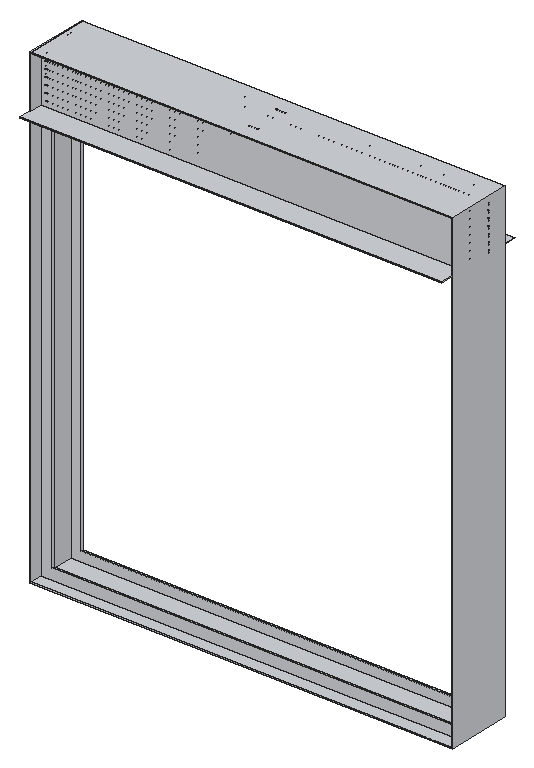
Revit family "FD-B", category Mechanical Equipment, Revit 2015
Parameters
  URL = "http://unitedenertech.com/catalog/pdf/A-8%20%20FD-B.pdf"
  Type Comments = "Max. Sizes are (1-1/2 Hour Vertical 120\"w x 115\"h) (1-1/2 Hour Horizontal 120\"w x 36\"h or 96\"w x 43\"h) (3 Hour Vertical or Horizontal 80\"w x 36\"h)"
  Model = "FD-B"
  Manufacturer = "United Enertech Corporation"
  Keynote = "Vertical Model Shown, Horizontal Models have Springs as shown on FDD-B Model."
  Exact Width = 2' - 0"
  EFL Height [instance] = Blade Pair Number * 0' 0 13/32" + 0' 0 41/64"  # 0' - 3 31/64"
  Description = "Curtain Fire Damper for use in Static Systems"
  Depth = 0' - 3 11/16"
  Damper Height = 2' - 0"
  Blade Width [instance] = Exact Width - 0' 0 1/8"  # 1' - 11 7/8"
  Blade Pair Number [instance] = (Damper Height + (if(Damper Height < 1' 8 1/4", 0' 2", if(Damper Height < 2' 8 1/4", 0' 3", if(Damper Height < 3' 6 1/4", 0' 4", if(Damper Height < 4' 7 1/4", 0' 5", if(Damper Height < 5' 4 1/4", 0' 3", if(Damper Height < 7' 0 1/4", 0' 4", if(Damper Height < 9' 7 1/4", 0' 5", 0' 5"))))))))) / 0' 3 7/8"  # 7
  "B" [instance] = if(Damper Height < 1' 8 1/4", 0' 2", if(Damper Height < 2' 8 1/4", 0' 3", if(Damper Height < 3' 6 1/4", 0' 4", if(Damper Height < 4' 7 1/4", 0' 5", if(Damper Height < 5' 4 1/4", 0' 3", if(Damper Height < 7' 0 1/4", 0' 4", if(Damper Height < 9' 7 1/4", 0' 5", 0' 5")))))))  # 0' - 3"
Reference planes (in)
  plane 1 "Center (Front/Back)": y = 0
  plane 2: z = 0
  plane 3 "Center (Left/Right)": x = 0
  plane 4: x = -12
  plane 5: x = 12
  plane 6: y = 1.84375
  plane 7: y = -1.84375
  plane 8: z = 24
  plane 9: z = 27
  plane 10: y = 1.09375
  plane 11: y = -1.09375
  plane 12: y = 0.96875
  plane 13: y = -0.96875
  plane 14: z = 0.0359
  plane 15: z = 26.9641
  plane 16: x = -11.9641
  plane 17: x = 11.9641
  plane 18: x = -11.375
  plane 19: x = 11.375
  plane 20: z = 26.375
  plane 21: z = 0.625
  plane 22: z = 23.47973
  plane 23: x = 0.25
  plane 24: x = -0.25
  plane 25: z = 23.60473
  plane 26: y = 2.59375
  plane 27: y = -2.59375
Forms (in)
  Extrusion 1, solid
    sketch origin (0, 0, 0) x (1, 0, 0) y (0, 0, 1)
      loop
        line (-11.9641, 26.9641) -> (-11.9641, 0.0359) -> (11.9641, 0.0359) -> (11.9641, 26.9641) -> (-11.9641, 26.9641)
      loop
        line (-12, 27) -> (-12, 0) -> (12, 0) -> (12, 27) -> (-12, 27)
    from -1.84375 to 1.84375
  Extrusion 2, solid
    sketch origin (0, 0, 0) x (1, 0, 0) y (0, 0, 1)
      loop
        line (-11.375, 26.375) -> (-11.375, 0.625) -> (11.375, 0.625) -> (11.375, 26.375) -> (-11.375, 26.375)
      loop
        line (-11.9641, 26.9641) -> (-11.9641, 0.0359) -> (11.9641, 0.0359) -> (11.9641, 26.9641) -> (-11.9641, 26.9641)
    from -1.09375 to -0.96875
  Extrusion 3, solid
    sketch origin (0, 0, 0) x (1, 0, 0) y (0, 0, 1)
      loop
        line (-11.375, 26.375) -> (-11.375, 0.625) -> (11.375, 0.625) -> (11.375, 26.375) -> (-11.375, 26.375)
      loop
        line (-11.9641, 26.9641) -> (-11.9641, 0.0359) -> (11.9641, 0.0359) -> (11.9641, 26.9641) -> (-11.9641, 26.9641)
    from 0.96875 to 1.09375
  Extrusion 4, solid
    sketch origin (0, 0, 0) x (0, 1, 0) y (0, 0, 1)
      loop
        line (0.96875, 27) -> (0.93285, 27) -> (0.93285, 23.47973) -> (1.38285, 23.47973) -> (1.38285, 23.76098) -> (1.34695, 23.76098) -> (1.34695, 23.51563) -> (0.96875, 23.51563) -> (0.96875, 27)
    from -0.25 to 0.25
  Extrusion 5, solid
    sketch origin (0, 0, 0) x (0, -1, 0) y (0, 0, -1)
      loop
        line (0.96875, -27) -> (0.96875, -23.51563) -> (1.34695, -23.51563) -> (1.34695, -23.76098) -> (1.38285, -23.76098) -> (1.38285, -23.47973) -> (0.93285, -23.47973) -> (0.93285, -27) -> (0.96875, -27)
    from -0.25 to 0.25
  Extrusion 6, solid
    sketch origin (0, 0, 0) x (0, 1, 0) y (0, 0, 1)
      loop
        line (1.09375, 26.9641) -> (1.09375, 24) -> (2.59375, 24) -> (2.59375, 24.0359) -> (1.12965, 24.0359) -> (1.12965, 26.9641) -> (1.09375, 26.9641)
    from -11.9641 to 11.9641
  Extrusion 7, solid
    sketch origin (0, 0, 0) x (0, -1, 0) y (0, 0, -1)
      loop
        line (1.09375, -26.9641) -> (1.12965, -26.9641) -> (1.12965, -24.0359) -> (2.59375, -24.0359) -> (2.59375, -24) -> (1.09375, -24) -> (1.09375, -26.9641)
    from -11.9641 to 11.9641
Dimensions and locks (in)
  equal spacing: plane 4, plane 3 "Center (Left/Right)", plane 5
  "Exact Width": plane 4 to plane 5
  equal spacing: plane 6, plane 1 "Center (Front/Back)", plane 7
  "Depth": plane 6 to plane 7
  "Damper Height": plane 8 to level
  ""B"": plane 9 to plane 8
  plane 11 to plane 10 = 0' - 2 3/16"
  locked: plane 11 to plane 13 at 0.125
  locked: plane 12 to plane 10 at 0.125
  plane 9 to level = 2' - 3"
  locked: plane 4 to plane 16 at 0.0359
  locked: plane 17 to plane 5 at 0.0359
  locked: plane 9 to plane 15 at 0.0359
  locked: plane 14 to level at 0.0359
  locked: plane 4 to plane 18 at 0.625
  locked: plane 5 to plane 19 at 0.625
  locked: plane 9 to plane 20 at 0.625
  locked: plane 21 to level at 0.625
  equal spacing: group 1, group 2, group 3, group 4, group 5, group 6, group 7  (x2)
  equal spacing: group 7, group 6, group 5, group 4, group 3, group 2, group 1
  locked: nested 1 to nested 2 at 0.40625
  "EFL Height": plane 15 to plane 22
  locked: plane 22 to plane 25 at 0.125
  locked: plane 26 to plane 6 at 0.75
  locked: plane 7 to plane 27 at 0.75
  aligned and locked: level to plane 2
  aligned and locked: level to Extrusion 1 sketch curve
  aligned and locked: Extrusion 1 sketch curve to plane 4
  aligned and locked: Extrusion 1 sketch curve to plane 9
  aligned and locked: Extrusion 1 sketch curve to plane 5
  aligned and locked: plane 14 to Extrusion 1 sketch curve
  aligned and locked: Extrusion 1 sketch curve to plane 15
  aligned and locked: plane 17 to Extrusion 1 sketch curve
  aligned and locked: plane 16 to Extrusion 1 sketch curve
  aligned and locked: plane 6 to Extrusion 1
  aligned and locked: Extrusion 1 to plane 7
  aligned and locked: plane 14 to Extrusion 2 sketch curve
  aligned and locked: plane 16 to Extrusion 2 sketch curve
  aligned and locked: plane 17 to Extrusion 2 sketch curve
  aligned and locked: Extrusion 2 sketch curve to plane 15
  aligned and locked: Extrusion 2 sketch curve to plane 20
  aligned and locked: Extrusion 2 sketch curve to plane 19
  aligned and locked: Extrusion 2 sketch curve to plane 18
  aligned and locked: plane 21 to Extrusion 2 sketch curve
  aligned and locked: Extrusion 2 to plane 10
  aligned and locked: plane 12 to Extrusion 2
  aligned and locked: Extrusion 3 to plane 13
  aligned and locked: plane 11 to Extrusion 3
  aligned and locked: plane 3 "Center (Left/Right)" to nested 1
  aligned and locked: plane 15 to nested 1
  aligned and locked: Extrusion 4 to plane 24
  aligned and locked: Extrusion 4 to plane 23
  aligned and locked: plane 25 to nested 6
  aligned and locked: Extrusion 6 to plane 17
  aligned and locked: Extrusion 7 to plane 17
  aligned and locked: Extrusion 7 to plane 16
  aligned and locked: Extrusion 6 to plane 16
Automatic sketch dimensions
  Extrusion 3 sketch curve to plane 14 = 0' - 0"
  Extrusion 3 sketch curve to plane 16 = 0' - 0"
  plane 18 to Extrusion 3 sketch curve = 0' - 0"
  Extrusion 3 sketch curve to plane 19 = 0' - 0"
  plane 17 to Extrusion 3 sketch curve = 0' - 0"
  Extrusion 3 sketch curve to plane 21 = 0' - 0"
  Extrusion 3 sketch curve to plane 20 = 0' - 0"
  Extrusion 3 sketch curve to plane 15 = 0' - 0"
  Extrusion 4 sketch curve to plane 9 = 0' - 0"
  Extrusion 4 sketch curve to plane 22 = 0' - 0"
  Extrusion 4 sketch curve to plane 12 = 0' - 0"
  plane 12 to Extrusion 4 sketch curve = 0' - 0.0359"
  Extrusion 4 sketch curve to plane 10 = 0' - 0.2532"
  Extrusion 4 sketch curve to Extrusion 4 sketch curve = 0' - 0.0359"
  plane 22 to Extrusion 4 sketch curve = 0' - 0.0359"
  Extrusion 4 sketch curve to plane 8 = 0' - 0.23902"
  Extrusion 5 sketch curve to plane 9 = 0' - 0"
  Extrusion 5 sketch curve to plane 22 = 0' - 0"
  Extrusion 5 sketch curve to plane 13 = 0' - 0"
  plane 13 to Extrusion 5 sketch curve = 0' - 0.0359"
  Extrusion 5 sketch curve to plane 11 = 0' - 0.2532"
  Extrusion 5 sketch curve to Extrusion 5 sketch curve = 0' - 0.0359"
  Extrusion 5 sketch curve to plane 22 = 0' - 0.0359"
  plane 8 to Extrusion 5 sketch curve = 0' - 0.23902"
  Extrusion 6 sketch curve to plane 8 = 0' - 0"
  Extrusion 6 sketch curve to plane 10 = 0' - 0"
  Extrusion 6 sketch curve to plane 15 = 0' - 0"
  Extrusion 6 sketch curve to plane 26 = 0' - 0"
  Extrusion 6 sketch curve to plane 10 = 0' - 0.0359"
  plane 8 to Extrusion 6 sketch curve = 0' - 0.0359"
  Extrusion 7 sketch curve to plane 8 = 0' - 0"
  Extrusion 7 sketch curve to plane 11 = 0' - 0"
  Extrusion 7 sketch curve to plane 15 = 0' - 0"
  Extrusion 7 sketch curve to plane 27 = 0' - 0"
  Extrusion 7 sketch curve to plane 11 = 0' - 0.0359"
  Extrusion 7 sketch curve to plane 8 = 0' - 0.0359"
Nested families (in)
  nested 1: "FD-SALB BLADESEDITED" at (0, 1.1689, 26.12138), type "FD-SALB BLADESEDITED"
    with Blade Width 2' - 0"
  nested 2: "FD-SALB BLADESEDITED" at (0, 1.1689, 25.71513), type "FD-SALB BLADESEDITED"
    with Blade Width 2' - 0"
  nested 3: "FD-SALB BLADESEDITED" at (0, 1.1689, 25.30888), type "FD-SALB BLADESEDITED"
    with Blade Width 2' - 0"
  nested 4: "FD-SALB BLADESEDITED" at (0, 1.1689, 24.90263), type "FD-SALB BLADESEDITED"
    with Blade Width 2' - 0"
  nested 5: "FD-SALB BLADESEDITED" at (0, 1.1689, 24.49638), type "FD-SALB BLADESEDITED"
    with Blade Width 2' - 0"
  nested 6: "EFL" at (4.62017, 3.53398, 23.60473), type "EFL"
  nested 7: "FD-SALB BLADESEDITED" at (0, 1.1689, 24.09013), type "FD-SALB BLADESEDITED"
    with Blade Width 2' - 0"
  nested 8: "FD-SALB BLADESEDITED" at (0, 1.1689, 23.68388), type "FD-SALB BLADESEDITED"
    with Blade Width 2' - 0"
Definition of nested family "FD-SALB BLADESEDITED"
  Parameters (values of type "FD-SALB BLADESEDITED")
    Blade Width = 1' - 11 7/8"
  Reference planes (in)
    plane 1 "Center (Front/Back)": y = 0
    plane 2: z = 0
    plane 3 "Center (Left/Right)": x = 0
    plane 4: x = -11.9375
    plane 5: x = 11.9375
  Forms (in)
    Extrusion 1, solid
      sketch origin (0, 0, 0) x (0, 1, 0) y (0, 0, 1)
        loop
          line (-0.31672, 0.53073) -> (-0.3446, 0.62657)
          arc (-0.3446, 0.62657) -> (-0.33726, 0.6415) -> (-0.32269, 0.63348) r 0.0115
          line (-0.32269, 0.63348) -> (-0.30545, 0.53536)
          arc (-0.30545, 0.53536) -> (-0.31611, 0.49773) -> (-0.35217, 0.48264) r 0.045
          line (-0.35217, 0.48264) -> (-0.39872, 0.48554)
          arc (-0.39872, 0.48554) -> (-0.42675, 0.49692) -> (-0.44125, 0.52348) r 0.045
          line (-0.44125, 0.52348) -> (-0.47071, 0.66865)
          arc (-0.47071, 0.66865) -> (-0.48965, 0.70349) -> (-0.5262, 0.7189) r 0.06
          line (-0.5262, 0.7189) -> (-1.55698, 0.78305) -> (-1.76244, 0.79584)
          arc (-1.76244, 0.79584) -> (-1.79846, 0.78683) -> (-1.82228, 0.75836) r 0.06
          line (-1.82228, 0.75836) -> (-1.88016, 0.61423)
          arc (-1.88016, 0.61423) -> (-1.90974, 0.57877) -> (-1.95445, 0.56733) r 0.075
          arc (-1.95445, 0.56733) -> (-2.03902, 0.60869) -> (-2.06957, 0.69773) r 0.123
          line (-2.06957, 0.69773) -> (-2.06418, 0.78456)
          arc (-2.06418, 0.78456) -> (-2.05371, 0.80551) -> (-2.03138, 0.81256) r 0.03
          line (-2.03138, 0.81256) -> (-1.90763, 0.80489) -> (-1.90763, 0.8362) -> (-2.01284, 0.84272) -> (-2.04641, 0.84272)
          arc (-2.04641, 0.84272) -> (-2.08042, 0.82292) -> (-2.09536, 0.7865) r 0.06125
          line (-2.09536, 0.7865) -> (-2.10077, 0.69966)
          arc (-2.10077, 0.69966) -> (-2.06244, 0.58801) -> (-1.95639, 0.53614) r 0.15425
          arc (-1.95639, 0.53614) -> (-1.89306, 0.55235) -> (-1.8512, 0.60257) r 0.10625
          line (-1.8512, 0.60257) -> (-1.7933, 0.74674)
          arc (-1.7933, 0.74674) -> (-1.78183, 0.76038) -> (-1.76452, 0.76466) r 0.02875
          line (-1.76452, 0.76466) -> (-1.55892, 0.75186) -> (-0.52813, 0.68773)
          arc (-0.52813, 0.68773) -> (-0.51045, 0.68016) -> (-0.50148, 0.66314) r 0.02875
          line (-0.50148, 0.66314) -> (-0.47199, 0.51784)
          arc (-0.47199, 0.51784) -> (-0.4474, 0.47346) -> (-0.4004, 0.45434) r 0.07625
          line (-0.4004, 0.45434) -> (-0.35398, 0.45144)
          arc (-0.35398, 0.45144) -> (-0.29278, 0.47694) -> (-0.27468, 0.54073) r 0.07625
          line (-0.27468, 0.54073) -> (-0.29191, 0.63889)
          arc (-0.29191, 0.63889) -> (-0.33988, 0.67434) -> (-0.37768, 0.6282) r 0.04327
          line (-0.37768, 0.6282) -> (-0.34677, 0.52199) -> (-0.31672, 0.53073)
      from -11.9375 to 11.9375
    Extrusion 2, solid
      sketch origin (0, 0, 0) x (0, 1, 0) y (0, 0, 1)
        loop
          arc (-0.31635, 0.67497) -> (-0.29361, 0.66856) -> (-0.28256, 0.64768) r 0.03
          line (-0.28256, 0.64768) -> (-0.2714, 0.56286)
          arc (-0.2714, 0.56286) -> (-0.29582, 0.47194) -> (-0.37737, 0.42491) r 0.123
          arc (-0.37737, 0.42491) -> (-0.42275, 0.43328) -> (-0.45469, 0.46664) r 0.075
          line (-0.45469, 0.46664) -> (-0.52225, 0.60648)
          arc (-0.52225, 0.60648) -> (-0.54755, 0.63305) -> (-0.58358, 0.63992) r 0.06
          line (-0.58358, 0.63992) -> (-0.78858, 0.61304) -> (-1.81262, 0.47877)
          arc (-1.81262, 0.47877) -> (-1.84723, 0.46173) -> (-1.86432, 0.42714) r 0.06
          line (-1.86432, 0.42714) -> (-1.88437, 0.27537)
          arc (-1.88437, 0.27537) -> (-1.89734, 0.2499) -> (-1.92301, 0.23735) r 0.045
          line (-1.92301, 0.23735) -> (-1.96868, 0.2314)
          arc (-1.96868, 0.2314) -> (-2.00696, 0.24361) -> (-2.02023, 0.28153) r 0.045
          line (-2.02023, 0.28153) -> (-2.00995, 0.379)
          arc (-2.00995, 0.379) -> (-1.99657, 0.38882) -> (-1.98728, 0.37505) r 0.0115
          line (-1.98728, 0.37505) -> (-2.00879, 0.27676) -> (-1.97772, 0.26996) -> (-1.95543, 0.37179)
          arc (-1.95543, 0.37179) -> (-1.99381, 0.41919) -> (-2.04121, 0.38081) r 0.04313
          line (-2.04121, 0.38081) -> (-2.05127, 0.28509)
          arc (-2.05127, 0.28509) -> (-2.02877, 0.22122) -> (-1.96431, 0.20045) r 0.07625
          line (-1.96431, 0.20045) -> (-1.91897, 0.20638)
          arc (-1.91897, 0.20638) -> (-1.87533, 0.22771) -> (-1.85342, 0.27106) r 0.07625
          line (-1.85342, 0.27106) -> (-1.83333, 0.42305)
          arc (-1.83333, 0.42305) -> (-1.82514, 0.43962) -> (-1.80853, 0.44779) r 0.02875
          line (-1.80853, 0.44779) -> (-0.78452, 0.58205) -> (-0.57967, 0.60892)
          arc (-0.57967, 0.60892) -> (-0.56246, 0.60559) -> (-0.55039, 0.5929) r 0.02875
          line (-0.55039, 0.5929) -> (-0.48278, 0.45303)
          arc (-0.48278, 0.45303) -> (-0.4376, 0.40578) -> (-0.37331, 0.39393) r 0.10625
          arc (-0.37331, 0.39393) -> (-0.27103, 0.4529) -> (-0.24041, 0.56695) r 0.15425
          line (-0.24041, 0.56695) -> (-0.2515, 0.65113)
          arc (-0.2515, 0.65113) -> (-0.27433, 0.69316) -> (-0.32041, 0.70596) r 0.06125
          line (-0.32041, 0.70596) -> (-0.44437, 0.68971) -> (-0.44031, 0.65872) -> (-0.31635, 0.67497)
      from -11.9375 to 11.9375
  Dimensions and locks (in)
    equal spacing: plane 4, plane 3 "Center (Left/Right)", plane 5
    "Blade Width": plane 4 to plane 5
    aligned and locked: level to plane 2
    aligned and locked: plane 4 to Extrusion 1
    aligned and locked: plane 4 to Extrusion 2
    aligned and locked: plane 5 to Extrusion 1
    aligned and locked: plane 5 to Extrusion 2
  Automatic sketch dimensions
    Extrusion 2 sketch curve to Extrusion 2 sketch curve = 0' - 0"  (x35)
    level to Extrusion 2 sketch curve = 0' - 0.28509"
    plane 1 "Center (Front/Back)" to Extrusion 2 sketch curve = 0' - 2.05127"
    level to Extrusion 2 sketch curve = 0' - 0.38081"
    Extrusion 2 sketch curve to Extrusion 2 sketch curve = 0' - 0.01006"
    level to Extrusion 2 sketch curve = 0' - 0.28153"
    Extrusion 2 sketch curve to Extrusion 2 sketch curve = 0' - 0.03105"
    level to Extrusion 2 sketch curve = 0' - 0.27676"
    Extrusion 2 sketch curve to Extrusion 2 sketch curve = 0' - 0.01143"  (x2)
    Extrusion 2 sketch curve to Extrusion 2 sketch curve = 0' - 0.04266"
    Extrusion 2 sketch curve to Extrusion 2 sketch curve = 0' - 0.00023"
    level to Extrusion 2 sketch curve = 0' - 0.26996"
    Extrusion 2 sketch curve to Extrusion 2 sketch curve = 0' - 0.03107"
    Extrusion 2 sketch curve to Extrusion 2 sketch curve = 0' - 0.00213"
    level to Extrusion 2 sketch curve = 0' - 0.2314"
    Extrusion 2 sketch curve to Extrusion 2 sketch curve = 0' - 0.00904"
    level to Extrusion 2 sketch curve = 0' - 0.20045"
    level to Extrusion 2 sketch curve = 0' - 0.37179"
    Extrusion 2 sketch curve to Extrusion 2 sketch curve = 0' - 0.0467"
    level to Extrusion 2 sketch curve = 0' - 0.27537"
    Extrusion 2 sketch curve to Extrusion 2 sketch curve = 0' - 0.04451"
    level to Extrusion 2 sketch curve = 0' - 0.27106"
    Extrusion 2 sketch curve to Extrusion 2 sketch curve = 0' - 0.03095"
    Extrusion 2 sketch curve to Extrusion 2 sketch curve = 0' - 0.0486"
    plane 1 "Center (Front/Back)" to Extrusion 2 sketch curve = 0' - 0.78452"
    Extrusion 2 sketch curve to Extrusion 2 sketch curve = 0' - 0.20094"
    Extrusion 2 sketch curve to Extrusion 2 sketch curve = 0' - 0 1/256"  (x2)
    Extrusion 2 sketch curve to Extrusion 2 sketch curve = 0' - 0.0034"
    Extrusion 2 sketch curve to Extrusion 2 sketch curve = 0' - 0.13921"
    Extrusion 2 sketch curve to Extrusion 2 sketch curve = 0' - 0.00406"  (x3)
    Extrusion 2 sketch curve to Extrusion 2 sketch curve = 0' - 0.04695"
    Extrusion 2 sketch curve to Extrusion 2 sketch curve = 0' - 0.00624"
    Extrusion 2 sketch curve to Extrusion 2 sketch curve = 0' - 0.0809"
    Extrusion 2 sketch curve to Extrusion 2 sketch curve = 0' - 0.0299"
    Extrusion 2 sketch curve to Extrusion 2 sketch curve = 0' - 0.03106"
    Extrusion 2 sketch curve to Extrusion 2 sketch curve = 0' - 0.00661"
    Extrusion 2 sketch curve to Extrusion 2 sketch curve = 0' - 0.00119"
    Extrusion 2 sketch curve to Extrusion 2 sketch curve = 0' - 0.14822"
    level to Extrusion 2 sketch curve = 0' - 0.49927"
    Extrusion 2 sketch curve to Extrusion 2 sketch curve = 0' - 0.04759"
    Extrusion 2 sketch curve to Extrusion 2 sketch curve = 0' - 0.0335"
    Extrusion 2 sketch curve to Extrusion 2 sketch curve = 0' - 0.00168"
    Extrusion 2 sketch curve to Extrusion 2 sketch curve = 0' - 0.02855"
    Extrusion 2 sketch curve to Extrusion 2 sketch curve = 0' - 0.031"
    Extrusion 2 sketch curve to Extrusion 2 sketch curve = 0' - 0.09835"
    Extrusion 2 sketch curve to Extrusion 2 sketch curve = 0' - 0.00246"
    Extrusion 2 sketch curve to Extrusion 2 sketch curve = 0' - 0.00345"
    Extrusion 2 sketch curve to Extrusion 2 sketch curve = 0' - 0.11186"
    Extrusion 2 sketch curve to Extrusion 2 sketch curve = 0' - 0.03098"  (x3)
    level to Extrusion 2 sketch curve = 0' - 0.37898"
    Extrusion 2 sketch curve to Extrusion 2 sketch curve = 0' - 0.00003"  (x4)
    Extrusion 2 sketch curve to Extrusion 2 sketch curve = 0' - 0.01101"
    level to Extrusion 2 sketch curve = 0' - 0.37505"
    Extrusion 2 sketch curve to Extrusion 2 sketch curve = 0' - 0.00585"
    level to Extrusion 2 sketch curve = 0' - 0.23735"
    Extrusion 2 sketch curve to Extrusion 2 sketch curve = 0' - 0.00404"
    level to Extrusion 2 sketch curve = 0' - 0.20636"
    level to Extrusion 2 sketch curve = 0' - 0.42714"
    Extrusion 2 sketch curve to Extrusion 2 sketch curve = 0' - 0.0595"
    level to Extrusion 2 sketch curve = 0' - 0.42305"
    Extrusion 2 sketch curve to Extrusion 2 sketch curve = 0' - 0.02852"
    Extrusion 2 sketch curve to Extrusion 2 sketch curve = 0' - 0.0207"
    level to Extrusion 2 sketch curve = 0' - 0.47878"
    Extrusion 2 sketch curve to Extrusion 2 sketch curve = 0' - 0.00374"
    level to Extrusion 2 sketch curve = 0' - 0.44779"
    Extrusion 2 sketch curve to Extrusion 2 sketch curve = 0' - 0.02588"
    Extrusion 2 sketch curve to Extrusion 2 sketch curve = 0' - 0.02814"
    Extrusion 2 sketch curve to Extrusion 2 sketch curve = 0' - 0.0957"
    Extrusion 2 sketch curve to Extrusion 2 sketch curve = 0' - 0.00004"  (x2)
    Extrusion 2 sketch curve to Extrusion 2 sketch curve = 0' - 0.02809"
    Extrusion 2 sketch curve to Extrusion 2 sketch curve = 0' - 0.00975"
    Extrusion 2 sketch curve to Extrusion 2 sketch curve = 0' - 0.00796"
    Extrusion 2 sketch curve to Extrusion 2 sketch curve = 0' - 0.01116"
    Extrusion 2 sketch curve to Extrusion 2 sketch curve = 0' - 0.00002"
    Extrusion 1 sketch curve to Extrusion 1 sketch curve = 0' - 0"  (x30)
    level to Extrusion 1 sketch curve = 0' - 0.7827"
    plane 1 "Center (Front/Back)" to Extrusion 1 sketch curve = 0' - 2.03423"
    Extrusion 1 sketch curve to Extrusion 1 sketch curve = 0' - 0.00284"
    Extrusion 1 sketch curve to Extrusion 1 sketch curve = 0' - 0.01854"
    Extrusion 1 sketch curve to Extrusion 1 sketch curve = 0' - 0.08443"
    Extrusion 1 sketch curve to Extrusion 1 sketch curve = 0' - 0.00298"
    Extrusion 1 sketch curve to Extrusion 1 sketch curve = 0' - 0.03918"
    Extrusion 1 sketch curve to Extrusion 1 sketch curve = 0' - 0.14102"
    level to Extrusion 1 sketch curve = 0' - 0.76466"
    Extrusion 1 sketch curve to Extrusion 1 sketch curve = 0' - 0.00209"
    level to Extrusion 1 sketch curve = 0' - 0.79584"
    Extrusion 1 sketch curve to Extrusion 1 sketch curve = 0' - 0.00208"  (x2)
    level to Extrusion 1 sketch curve = 0' - 0.75186"
    Extrusion 1 sketch curve to Extrusion 1 sketch curve = 0' - 0.2056"
    Extrusion 1 sketch curve to Extrusion 1 sketch curve = 0' - 0.00194"  (x2)
    plane 1 "Center (Front/Back)" to Extrusion 1 sketch curve = 0' - 0.52993"
    Extrusion 1 sketch curve to Extrusion 1 sketch curve = 0' - 0.02845"
    Extrusion 1 sketch curve to Extrusion 1 sketch curve = 0' - 0.02949"
    Extrusion 1 sketch curve to Extrusion 1 sketch curve = 0' - 0.03077"  (x2)
    Extrusion 1 sketch curve to Extrusion 1 sketch curve = 0' - 0.03074"
    Extrusion 1 sketch curve to Extrusion 1 sketch curve = 0' - 0.04085"
    Extrusion 1 sketch curve to Extrusion 1 sketch curve = 0' - 0.00168"
    Extrusion 1 sketch curve to Extrusion 1 sketch curve = 0' - 0.04445"
    Extrusion 1 sketch curve to Extrusion 1 sketch curve = 0' - 0.01912"
    Extrusion 1 sketch curve to Extrusion 1 sketch curve = 0' - 0.04641"
    Extrusion 1 sketch curve to Extrusion 1 sketch curve = 0' - 0.00182"
    Extrusion 1 sketch curve to Extrusion 1 sketch curve = 0' - 0.00238"
    Extrusion 1 sketch curve to Extrusion 1 sketch curve = 0' - 0.00302"
    Extrusion 1 sketch curve to Extrusion 1 sketch curve = 0' - 0.03307"
    Extrusion 1 sketch curve to Extrusion 1 sketch curve = 0' - 0.01008"
    Extrusion 1 sketch curve to Extrusion 1 sketch curve = 0' - 0.00072"
    Extrusion 1 sketch curve to Extrusion 1 sketch curve = 0' - 0.01112"
    Extrusion 1 sketch curve to Extrusion 1 sketch curve = 0' - 0.03006"
    Extrusion 1 sketch curve to Extrusion 1 sketch curve = 0' - 0.03078"
    Extrusion 1 sketch curve to Extrusion 1 sketch curve = 0' - 0.02867"
    Extrusion 1 sketch curve to Extrusion 1 sketch curve = 0' - 0.09261"
    level to Extrusion 1 sketch curve = 0' - 0.66865"
    Extrusion 1 sketch curve to Extrusion 1 sketch curve = 0' - 0.00551"
    Extrusion 1 sketch curve to Extrusion 1 sketch curve = 0' - 0.00412"
    Extrusion 1 sketch curve to Extrusion 1 sketch curve = 0' - 0.04791"
    Extrusion 1 sketch curve to Extrusion 1 sketch curve = 0' - 0.02976"
    Extrusion 1 sketch curve to Extrusion 1 sketch curve = 0' - 0.00541"
    Extrusion 1 sketch curve to Extrusion 1 sketch curve = 0' - 0.00087"
    Extrusion 1 sketch curve to Extrusion 1 sketch curve = 0' - 0.00852"
    Extrusion 1 sketch curve to Extrusion 1 sketch curve = 0' - 0.00559"
    Extrusion 1 sketch curve to Extrusion 1 sketch curve = 0' - 0.00702"
    Extrusion 1 sketch curve to Extrusion 1 sketch curve = 0' - 0.00564"
    Extrusion 1 sketch curve to Extrusion 1 sketch curve = 0' - 0.03935"
    Extrusion 1 sketch curve to Extrusion 1 sketch curve = 0' - 0.0312"
    Extrusion 1 sketch curve to Extrusion 1 sketch curve = 0' - 0.03119"
    Extrusion 1 sketch curve to Extrusion 1 sketch curve = 0' - 0.1148"
    Extrusion 1 sketch curve to Extrusion 1 sketch curve = 0' - 0.03131"
    Extrusion 1 sketch curve to Extrusion 1 sketch curve = 0' - 0.02994"
    level to Extrusion 1 sketch curve = 0' - 0.78456"
    Extrusion 1 sketch curve to Extrusion 1 sketch curve = 0' - 0.00539"
    level to Extrusion 1 sketch curve = 0' - 0.69772"
    Extrusion 1 sketch curve to Extrusion 1 sketch curve = 0' - 0.03117"
    Extrusion 1 sketch curve to Extrusion 1 sketch curve = 0' - 0.03118"
    level to Extrusion 1 sketch curve = 0' - 0.69966"
    Extrusion 1 sketch curve to Extrusion 1 sketch curve = 0' - 0.03357"
    Extrusion 1 sketch curve to Extrusion 1 sketch curve = 0' - 0.0066"
    Extrusion 1 sketch curve to Extrusion 1 sketch curve = 0' - 0.06959"
    level to Extrusion 1 sketch curve = 0' - 0.61423"
    Extrusion 1 sketch curve to Extrusion 1 sketch curve = 0' - 0.00004"  (x2)
    Extrusion 1 sketch curve to Extrusion 1 sketch curve = 0' - 0.02896"
    level to Extrusion 1 sketch curve = 0' - 0.60259"
    level to Extrusion 1 sketch curve = 0' - 0.75838"
    Extrusion 1 sketch curve to Extrusion 1 sketch curve = 0' - 0.05778"
    level to Extrusion 1 sketch curve = 0' - 0.74674"
    Extrusion 1 sketch curve to Extrusion 1 sketch curve = 0' - 0.02669"
    Extrusion 1 sketch curve to Extrusion 1 sketch curve = 0' - 0.00179"
    Extrusion 1 sketch curve to Extrusion 1 sketch curve = 0' - 0.00193"
    Extrusion 1 sketch curve to Extrusion 1 sketch curve = 0' - 0.01125"
    Extrusion 1 sketch curve to Extrusion 1 sketch curve = 0' - 0.00003"
    Extrusion 1 sketch curve to Extrusion 1 sketch curve = 0' - 0.05622"
    Extrusion 1 sketch curve to Extrusion 1 sketch curve = 0' - 0.03016"
Definition of nested family "EFL"
  Reference planes (in)
    plane 1 "Center (Front/Back)": y = 0
    plane 2: z = 0
    plane 3 "Center (Left/Right)": x = 0
  Forms (in)
    Extrusion 1, solid
      sketch origin (0, 0, 0) x (1, 0, 0) y (0, 1, 0)
        loop
          arc (-4.87017, -4.05324) -> (-4.81525, -4.18582) -> (-4.68267, -4.24074) r 0.1875
          line (-4.68267, -4.24074) -> (-4.55767, -4.24074)
          arc (-4.55767, -4.24074) -> (-4.42508, -4.18582) -> (-4.37017, -4.05324) r 0.1875
          line (-4.37017, -4.05324) -> (-4.37017, -3.41574) -> (-4.87017, -3.41574) -> (-4.87017, -4.05324)
        loop
          circle (-4.62017, -4.05324) r 0.0625
      from 0.1 to 0.05
    Extrusion 2, solid
      sketch origin (-9.24033, -7.08147, 0) x (-1, 0, 0) y (0, -1, 0)
        loop
          arc (-4.87017, -4.05324) -> (-4.81525, -4.18582) -> (-4.68267, -4.24074) r 0.1875
          line (-4.68267, -4.24074) -> (-4.55767, -4.24074)
          arc (-4.55767, -4.24074) -> (-4.42508, -4.18582) -> (-4.37017, -4.05324) r 0.1875
          line (-4.37017, -4.05324) -> (-4.37017, -3.41574) -> (-4.87017, -3.41574) -> (-4.87017, -4.05324)
        loop
          circle (-4.62017, -4.05324) r 0.0625
      from 0 to 0.05
    Sweep 3, solid
      path in 3D
        loop
          line (-4.62017, -4.16421, 0) -> (-4.62017, -4.22608, 0)
          arc (-4.62017, -4.22608, 0) -> (-4.65678, -4.31447, 0) -> (-4.74517, -4.35108, 0) r 0.125
          line (-4.74517, -4.35108, 0) -> (-4.92568, -4.35108, 0)
          arc (-4.92568, -4.35108, 0) -> (-5.02859, -4.454, 0) -> (-4.92568, -4.55691, 0) r 0.10291
          line (-4.92568, -4.55691, 0) -> (-4.62017, -4.55691, 0) -> (-4.31465, -4.55691, 0)
          arc (-4.31465, -4.55691, 0) -> (-4.21174, -4.454, 0) -> (-4.31465, -4.35108, 0) r 0.10291
          line (-4.31465, -4.35108, 0) -> (-4.58427, -4.35108, 0)
      profile origin (-4.62017, -4.19515, 0) x (1, 0, 0) y (0, 0, 1)
        loop
          circle (0, 0) r 0.03202
    Sweep 4, solid
      path in 3D
        loop
          line (-4.62017, -4.283, 0.1526) -> (-4.62017, -4.12297, 0.1526)
          arc (-4.62017, -4.12297, 0.1526) -> (-4.62017, -4.04635, 0.07598) -> (-4.62017, -4.12297, -0.00063) r 0.07662
          line (-4.62017, -4.12297, -0.00063) -> (-4.62017, -4.16421, -0.00063)
      profile origin (-4.62017, -4.14359, -0.00063) x (0, 0, -1) y (1, 0, 0)
        loop
          circle (0, 0) r 0.03138
    Sweep 5, solid
      path in 3D
        loop
          line (-4.62017, -2.91726, 0) -> (-4.62017, -2.85539, 0)
          arc (-4.62017, -2.85539, 0) -> (-4.65678, -2.767, 0) -> (-4.74517, -2.73039, 0) r 0.125
          line (-4.74517, -2.73039, 0) -> (-4.92568, -2.73039, 0)
          arc (-4.92568, -2.73039, 0) -> (-5.02859, -2.62747, 0) -> (-4.92568, -2.52456, 0) r 0.10291
          line (-4.92568, -2.52456, 0) -> (-4.62017, -2.52456, 0) -> (-4.31465, -2.52456, 0)
          arc (-4.31465, -2.52456, 0) -> (-4.21174, -2.62747, 0) -> (-4.31465, -2.73039, 0) r 0.10291
          line (-4.31465, -2.73039, 0) -> (-4.58427, -2.73039, 0)
      profile origin (-4.62017, -2.88633, 0) x (-1, 0, 0) y (0, 0, 1)
        loop
          circle (0, 0) r 0.03202
    Sweep 6, solid
      path in 3D
        loop
          line (-4.62017, -2.79848, 0.1526) -> (-4.62017, -2.95851, 0.1526)
          arc (-4.62017, -2.95851, 0.1526) -> (-4.62017, -3.03512, 0.07598) -> (-4.62017, -2.95851, -0.00063) r 0.07662
          line (-4.62017, -2.95851, -0.00063) -> (-4.62017, -2.91726, -0.00063)
      profile origin (-4.62017, -2.93788, -0.00063) x (0, 0, 1) y (1, 0, 0)
        loop
          circle (0, 0) r 0.03138
  Lines and regions (in)
    sketch lines
      curve 1: line (-4.62017, -4.16421, 0) -> (-4.62017, -4.22608, 0)
      curve 2: arc (-4.74517, -4.35108, 0) -> (-4.65678, -4.31447, 0) -> (-4.62017, -4.22608, 0) r 0.125
      curve 3: line (-4.74517, -4.35108, 0) -> (-4.92568, -4.35108, 0)
      curve 4: arc (-4.92568, -4.35108, 0) -> (-5.02859, -4.454, 0) -> (-4.92568, -4.55691, 0) r 0.10291
      curve 5: line (-4.62017, -4.55691, 0) -> (-4.92568, -4.55691, 0)
      curve 6: line (-4.62017, -4.55691, 0) -> (-4.31465, -4.55691, 0)
      curve 7: arc (-4.31465, -4.55691, 0) -> (-4.21174, -4.454, 0) -> (-4.31465, -4.35108, 0) r 0.10291
      curve 8: line (-4.58427, -4.35108, 0) -> (-4.31465, -4.35108, 0)
      curve 9: line (-4.62017, -4.12297, -0.00063) -> (-4.62017, -4.16421, -0.00063)
      curve 10: arc (-4.62017, -4.12297, -0.00063) -> (-4.62017, -4.04635, 0.07598) -> (-4.62017, -4.12297, 0.1526) r 0.07662
      curve 11: line (-4.62017, -4.12297, 0.1526) -> (-4.62017, -4.283, 0.1526)
      curve 12: line (-4.62017, -2.91726, 0) -> (-4.62017, -2.85539, 0)
      curve 13: arc (-4.74517, -2.73039, 0) -> (-4.65678, -2.767, 0) -> (-4.62017, -2.85539, 0) r 0.125
      curve 14: line (-4.74517, -2.73039, 0) -> (-4.92568, -2.73039, 0)
      curve 15: arc (-4.92568, -2.73039, 0) -> (-5.02859, -2.62747, 0) -> (-4.92568, -2.52456, 0) r 0.10291
      curve 16: line (-4.62017, -2.52456, 0) -> (-4.92568, -2.52456, 0)
      curve 17: line (-4.62017, -2.52456, 0) -> (-4.31465, -2.52456, 0)
      curve 18: arc (-4.31465, -2.52456, 0) -> (-4.21174, -2.62747, 0) -> (-4.31465, -2.73039, 0) r 0.10291
      curve 19: line (-4.58427, -2.73039, 0) -> (-4.31465, -2.73039, 0)
      curve 20: line (-4.62017, -2.95851, -0.00063) -> (-4.62017, -2.91726, -0.00063)
      curve 21: arc (-4.62017, -2.95851, -0.00063) -> (-4.62017, -3.03512, 0.07598) -> (-4.62017, -2.95851, 0.1526) r 0.07662
      curve 22: line (-4.62017, -2.95851, 0.1526) -> (-4.62017, -2.79848, 0.1526)
  Dimensions and locks (in)
    aligned and locked: level to plane 2
